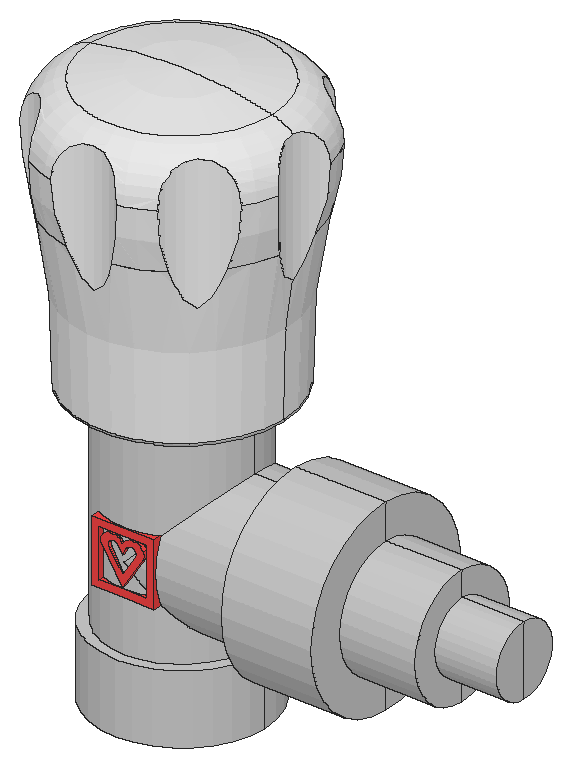
Revit family "GP Radiator Control Valve Angle Model 5524", category Rohrzubehör, Revit 2021
Family settings
  Bemaßung runder Anschluss = Durchmesser verwenden
  Teiletyp = Unterbricht
  OmniClass-Nummer = 23.65.55.14
  OmniClass-Titel = Valves for Liquid Services
  Arbeitsebenenbasiert = Nein
  Immer vertikal = Ja
  Beim Laden mit Abzugskörper schneiden = Nein
  Gemeinsam genutzt = Nein
Parameters
  Vorgabe-Ansicht = 0.000 mm
  URL = "www.herzvalves.com"
  SCRNSEQ = "ARM;ARM_TYP=\"ALLF\";2"
  SCRNCODE = "05;00;02"  # constant formula
  S04 = 45.000 mm  # constant formula
  S03 [instance] = H02 - 5.000 mm + 41.000 mm  # 60.000 mm
  S02 [instance] = L04 + L03 - L02  # 25.500 mm
  S01 = 10.000 mm  # constant formula
  Part number [instance] = size_lookup("5524_", "Artnr", 0, Nennweite)  # 1552420
  Nennweite [instance] = 10.000 mm
  Model = "These universal models are nickel-plated and equipped with special sockets for threaded pipe and compression union connections."
  Medium = "Hot water quality according to Austrian standard ÖNORM H 5195 and/or VDI guideline 2035."
  Max. operating temperature = 110 °C  # constant formula
  Max. operating pressure = 1000000.0 Pa  # constant formula
  LO1 [instance] = R01 - 0.500 mm  # 10.000 mm
  L04 [instance] = size_lookup("5524_", "L4", 1.000 mm, Nennweite)  # 20.000 mm
  L03 [instance] = size_lookup("5524_", "L3", 1.000 mm, Nennweite)  # 13.000 mm
  L02 [instance] = size_lookup("5524_", "L2", 1.000 mm, Nennweite)  # 7.500 mm
  L01 [instance] = size_lookup("5524_", "L1", 1.000 mm, Nennweite)  # 24.000 mm
  Hersteller = "HERZ Armaturen Ges.m.b.H."  # constant formula
  Hand wheel = "plastic, white"  # constant formula
  H03 [instance] = size_lookup("5524_", "H3", 1.000 mm, Nennweite)  # 10.000 mm
  H02 [instance] = size_lookup("5524_", "H2", 1.000 mm, Nennweite)  # 24.000 mm
  H01 [instance] = size_lookup("5524_", "H1", 1.000 mm, Nennweite)  # 22.000 mm
  GT1 [instance] = size_lookup("5524_", "GT1", 1.000 mm, Nennweite)  # 9.000 mm
  GT [instance] = size_lookup("5524_", "GT", 1.000 mm, Nennweite)  # 9.500 mm
  G2 [instance] = Nennweite / 2  # 5.000 mm
  G1 [instance] = Nennweite / 2  # 5.000 mm
  R01 = 10.500 mm  # constant formula
  D05 [instance] = size_lookup("5524_", "D5", 1.000 mm, Nennweite)  # 8.500 mm
  D04 [instance] = size_lookup("5524_", "D4", 1.000 mm, Nennweite)  # 13.500 mm
  D03 [instance] = R01  # 10.500 mm
  D02 [instance] = size_lookup("5524_", "D2", 1.000 mm, Nennweite)  # 7.940 mm
  D01 [instance] = size_lookup("5524_", "D1", 1.000 mm, Nennweite)  # 12.000 mm
  Body = "nickel-plated"  # constant formula
Reference planes
  plane 1 "Mitte (Vorne/hinten)": y = 0
  plane 2: z = 0
  plane 3 "Mitte (Links/rechts)": x = 0
Forms (mm)
  Revolve 1, solid, material "Messing, weicher Gelbton, geschweißt", detail levels fine
    sketch origin (0, 0, 0) x (1, 0, 0) y (0, 0, 1)
      loop
        line (0, 24) -> (-10.5, 24) -> (-10.5, -12) -> (-12, -12) -> (-12, -22) -> (-5, -22) -> (-5, -12.5) -> (0, -12.5) -> (0, 24)
      axis (0, 24) -> (0, -22)
    angle from 0 to 360
  Revolve 2, solid, material "Messing, weicher Gelbton, geschweißt", detail levels fine
    sketch origin (0, 0, 0) x (1, 0, 0) y (0, 0, 1)
      loop
        line (0, 0) -> (24, 0) -> (24, 7.94) -> (16.5, 7.94) -> (16.5, 10.5) -> (0, 10.5) -> (0, 0)
      axis (0, 0) -> (24, 0)
    angle from 0 to 360
  Revolve 3, solid, material "Messing, weicher Gelbton, geschweißt", detail levels fine
    sketch origin (-1, 0, 0) x (1, 0, 0) y (0, 0, 1)
      loop
        line (25, 0) -> (50.5, 0) -> (50.5, 5) -> (41.5, 5) -> (41.5, 8.5) -> (30.5, 8.5) -> (30.5, 13.5) -> (17.5, 13.5) -> (17.5, 7.94) -> (25, 7.94) -> (25, 0)
      axis (17.5, 0) -> (50.5, 0)
    angle from 0 to 360
Lines and regions (mm)
  model lines, detail levels coarse+medium
    curve 1: line (0, 0, 0) -> (12, 0, -22)
    curve 2: line (12, 0, -22) -> (-12, 0, -22)
    curve 3: line (-12, 0, -22) -> (0, 0, 0)
    curve 4: line (0, 0, 0) -> (24, 0, 13.5)
    curve 5: line (24, 0, 13.5) -> (24, 0, -13.5)
    curve 6: line (24, 0, -13.5) -> (0, 0, 0)
    curve 7: line (24, 0, 13.5) -> (34, 0, 13.5)
    curve 8: line (34, 0, 13.5) -> (24, 0, 0)
    curve 9: line (24, 0, -13.5) -> (34, 0, -13.5)
    curve 10: line (34, 0, -13.5) -> (24, 0, 0)
    curve 11: line (24, 0, 0) -> (49.5, 0, 0)
    curve 12: line (0, 0, 0) -> (0, 0, 60)
    curve 13: line (-22.5, 0, 60) -> (22.5, 0, 60)
    curve 14: line (0, 0, 0) -> (0, 60, 0)
    curve 15: line (-22.5, 60, 0) -> (22.5, 60, 0)
    curve 16: line (0, 0, 0) -> (12, -22, 0)
    curve 17: line (12, -22, 0) -> (-12, -22, 0)
    curve 18: line (-12, -22, 0) -> (0, 0, 0)
    curve 19: line (0, 0, 0) -> (24, 13.5, 0)
    curve 20: line (24, 13.5, 0) -> (24, -13.5, 0)
    curve 21: line (24, -13.5, 0) -> (0, 0, 0)
    curve 22: line (24, 13.5, 0) -> (34, 13.5, 0)
    curve 23: line (34, 13.5, 0) -> (24, 0, 0)
    curve 24: line (24, -13.5, 0) -> (34, -13.5, 0)
    curve 25: line (24, 0, 0) -> (34, -13.5, 0)
Dimensions and locks
  "H02": Revolve 1 sketch curve to plane 2
  "H01": plane 2 to Revolve 1 sketch curve
  "R01": Revolve 1 sketch curve to Revolve 1 sketch curve
  "G1": Revolve 1 sketch curve to Revolve 1 sketch curve
  "D01": Revolve 1 sketch curve to Revolve 1 sketch curve
  "GT": Revolve 1 sketch curve to Revolve 1 sketch curve
  "H03": Revolve 1 sketch curve to Revolve 1 sketch curve
  "D02": Revolve 2 sketch curve to Revolve 2 sketch curve
  "D03": Revolve 2 sketch curve to Revolve 2 sketch curve
  "L01": Revolve 2 sketch curve to Revolve 2 sketch curve
  "L02": Revolve 2 sketch curve to Revolve 2 sketch curve
  "H02": nested 1 to plane 2
  "LO1": nested 2 to plane 1 "Mitte (Vorne/hinten)"
  "L02": Revolve 3 sketch curve to Revolve 3 sketch curve
  "L03": Revolve 3 sketch curve to Revolve 3 sketch curve
  "L04": Revolve 3 sketch curve to Revolve 3 sketch curve
  "D04": Revolve 3 sketch curve to Revolve 3 sketch curve
  "G2": Revolve 3 sketch curve to Revolve 3 sketch curve
  "D05": Revolve 3 sketch curve to Revolve 3 sketch curve
  "GT1": Revolve 3 sketch curve to Revolve 3 sketch curve
  "L01": plane 3 "Mitte (Links/rechts)" to Revolve 3 sketch curve
  "D02": Revolve 3 sketch curve to plane 2
  "H01": plane 2 to curve 2
  "L01": curve 5 to plane 3 "Mitte (Links/rechts)"
  "D01": curve 2 to plane 3 "Mitte (Links/rechts)" to curve 3
  "D04": curve 5 to plane 2 to curve 6
  "S01": curve 5 to curve 8
  "S01": curve 5 to curve 10
  "S02": curve 11 to curve 11
  "S03": curve 12 to plane 2
  equal spacing: curve 13, curve 12, curve 13
  "S04": curve 13 to curve 13
  "S04": curve 15 to curve 15
  equal spacing: curve 15, curve 14, curve 15
  "S03": plane 1 "Mitte (Vorne/hinten)" to curve 14
  "H01": curve 17 to plane 1 "Mitte (Vorne/hinten)"
  "D01": curve 18 to plane 3 "Mitte (Links/rechts)" to curve 17
  "L01": plane 3 "Mitte (Links/rechts)" to curve 20
  "D04": curve 21 to plane 1 "Mitte (Vorne/hinten)" to curve 20
  "S01": curve 20 to curve 23
  "S01": curve 20 to curve 25
  aligned and locked: level to plane 2
Automatic sketch dimensions
  curve 12 to plane 3 "Mitte (Links/rechts)" = 0.000 mm
  curve 4 to level = 0.000 mm
  curve 10 to level = 0.000 mm
  curve 8 to level = 0.000 mm
  plane 1 "Mitte (Vorne/hinten)" to curve 16 = 0.000 mm
  curve 16 to plane 3 "Mitte (Links/rechts)" = 0.000 mm
  plane 1 "Mitte (Vorne/hinten)" to curve 23 = 0.000 mm
  Revolve 1 sketch curve to plane 3 "Mitte (Links/rechts)" = 0.000 mm  (x2)
  Revolve 1 sketch curve to Revolve 1 sketch curve = 345.545 mm
  Revolve 1 sketch curve to Revolve 1 sketch curve = 2189.815 mm
  Revolve 2 sketch curve to level = 0.000 mm  (x2)
  Revolve 2 sketch curve to plane 3 "Mitte (Links/rechts)" = 0.000 mm
  Revolve 2 sketch curve to plane 3 "Mitte (Links/rechts)" = 1506.530 mm
  Revolve 2 sketch curve to Revolve 2 sketch curve = 1815.148 mm
  Revolve 3 sketch curve to level = 0.000 mm  (x2)
  Revolve 3 sketch curve to plane 3 "Mitte (Links/rechts)" = 1507.530 mm
  Revolve 3 sketch curve to Revolve 3 sketch curve = 1789.648 mm
Nested families
  nested 1: "Handrad-Heizkörperventile" at (0, 0, 18.5), type "Handrad-Heizkörperventile", detail levels fine
  nested 2: "Herz-Logo-vorne" at (0, -10, 0) x (0, -1, 0) z (0, 0, 1), type "Herz-Logo-vorne", detail levels fine
Connectors
  piping at (0, 0, -12.5), diameter 10, driven by "Nennweite"
    settings: on Revolve 1, index 1, connector inside diameter 609.6 mm, connector length 0.000 mm, flow factor 0, pipe flow 0.0 L/s, pressure drop 0.0 Pa, fitting loss kfactor 0, connector angle 0.00°, fixture units 0, engagement length 0.000 mm, angle of deflection 0.00°, flow configuration 0, flow direction 1, fitting loss method 0, system type 7, joint type 0, gender type 0, connector reference index -1, connector utility 0, adjustable connector no, is connector primary yes, connector description ""
  piping at (49.5, 0, 0), diameter 10, driven by "Nennweite"
    settings: on Revolve 3, index 2, connector inside diameter 609.6 mm, connector length 0.000 mm, flow factor 0, pipe flow 0.0 L/s, pressure drop 0.0 Pa, fitting loss kfactor 0, connector angle 0.00°, fixture units 0, engagement length 0.000 mm, angle of deflection 0.00°, flow configuration 0, flow direction 2, fitting loss method 0, system type 7, joint type 0, gender type 0, connector reference index -1, connector utility 0, adjustable connector no, is connector primary no, connector description ""
Definition of nested family "Handrad-Heizkörperventile"
  Parameters (values of type "Handrad-Heizkörperventile")
    Default Elevation = 0.000 mm
    T01 = 5.500 mm  # constant formula
    R01 = 10.500 mm  # constant formula
  Reference planes
    plane 1 "Mitte (Vorne/hinten)": y = 0
    plane 2: z = 0
    plane 3 "Mitte (Links/rechts)": x = 0
  Forms (mm)
    Revolve 1, solid, detail levels fine
      sketch origin (0, 0, 0) x (1, 0, 0) y (0, 0, 1)
        loop
          line (10.5, 0) -> (14.25, 0)
          arc (14.25, 0) -> (14.604, 0.146) -> (14.75, 0.5) r 0.5
          arc (14.75, 0.5) -> (15.098, 12.356) -> (17.195, 24.03) r 80
          arc (17.195, 24.03) -> (18.172, 28.281) -> (18.5, 32.63) r 29
          arc (18.5, 32.63) -> (17.011, 36.946) -> (13.177, 39.426) r 7
          arc (13.177, 39.426) -> (6.637, 40.626) -> (0, 41.028) r 55
          line (0, 41.028) -> (0, 5.5) -> (10.5, 5.5) -> (10.5, 0)
        axis (0, 41.028) -> (0, 0)
      angle from 0 to 360
    Extrusion 2, void
      sketch origin (0, 0, 0) x (1, 0, 0) y (0, 1, 0)
        loop
          arc (-16.011, 9.268) -> (-11.314, 11.314) -> (-9.268, 16.011) r 7
          arc (-9.268, 16.011) -> (-13.081, 13.081) -> (-16.011, 9.268) r 18.5
        loop
          arc (16.011, 9.268) -> (13.081, 13.081) -> (9.268, 16.011) r 18.5
          arc (9.268, 16.011) -> (11.314, 11.314) -> (16.011, 9.268) r 7
        loop
          arc (-16.011, -9.268) -> (-13.081, -13.081) -> (-9.268, -16.011) r 18.5
          arc (-9.268, -16.011) -> (-11.314, -11.314) -> (-16.011, -9.268) r 7
        loop
          arc (16.011, -9.268) -> (11.314, -11.314) -> (9.268, -16.011) r 7
          arc (9.268, -16.011) -> (13.081, -13.081) -> (16.011, -9.268) r 18.5
        loop
          arc (17.953, 4.58) -> (16.078, -0.188) -> (17.953, -4.956) r 7
          arc (17.953, -4.956) -> (18.578, -0.188) -> (17.953, 4.58) r 18.5
        loop
          arc (-17.953, 4.58) -> (-18.578, -0.188) -> (-17.953, -4.956) r 18.5
          arc (-17.953, -4.956) -> (-16.078, -0.188) -> (-17.953, 4.58) r 7
        loop
          arc (-4.58, 17.953) -> (0.188, 16.078) -> (4.956, 17.953) r 7
          arc (4.956, 17.953) -> (0.188, 18.578) -> (-4.58, 17.953) r 18.5
        loop
          arc (-4.58, -17.953) -> (0.188, -18.578) -> (4.956, -17.953) r 18.5
          arc (4.956, -17.953) -> (0.188, -16.078) -> (-4.58, -17.953) r 7
      from 15.609 to 43.011
  Cuts and joins
    Extrusion 2 cuts Revolve 1
  Dimensions and locks
    "R01": Revolve 1 sketch curve to Revolve 1 sketch curve
    Revolve 1 sketch curve to plane 3 "Mitte (Links/rechts)" = 14.750 mm
    "T01": Revolve 1 sketch curve to Revolve 1 sketch curve
    aligned and locked: level to plane 2
  Automatic sketch dimensions
    Extrusion 2 sketch curve to Extrusion 2 sketch curve = 0.000 mm  (x14)
    plane 1 "Mitte (Vorne/hinten)" to Extrusion 2 sketch curve = 0.000 mm
    Extrusion 2 sketch curve to plane 3 "Mitte (Links/rechts)" = 0.000 mm
    Extrusion 2 sketch curve to plane 3 "Mitte (Links/rechts)" = 0.078 mm
    Extrusion 2 sketch curve to plane 3 "Mitte (Links/rechts)" = 16.263 mm  (x2)
    plane 1 "Mitte (Vorne/hinten)" to Extrusion 2 sketch curve = 0.188 mm  (x2)
    Extrusion 2 sketch curve to Extrusion 2 sketch curve = 6.815 mm  (x4)
    plane 3 "Mitte (Links/rechts)" to Extrusion 2 sketch curve = 0.078 mm
    plane 3 "Mitte (Links/rechts)" to Extrusion 2 sketch curve = 0.188 mm  (x2)
    plane 1 "Mitte (Vorne/hinten)" to Extrusion 2 sketch curve = 0.078 mm
    Extrusion 2 sketch curve to Extrusion 2 sketch curve = 0.110 mm  (x2)
    Extrusion 2 sketch curve to plane 1 "Mitte (Vorne/hinten)" = 0.078 mm
    plane 3 "Mitte (Links/rechts)" to Extrusion 2 sketch curve = 16.263 mm  (x2)
    plane 1 "Mitte (Vorne/hinten)" to Extrusion 2 sketch curve = 16.263 mm  (x2)
    Extrusion 2 sketch curve to plane 1 "Mitte (Vorne/hinten)" = 16.263 mm  (x2)
    Extrusion 2 sketch curve to plane 3 "Mitte (Links/rechts)" = 4.580 mm  (x2)
    Extrusion 2 sketch curve to Extrusion 2 sketch curve = 4.688 mm  (x2)
    Extrusion 2 sketch curve to Extrusion 2 sketch curve = 0.252 mm  (x4)
    Extrusion 2 sketch curve to Extrusion 2 sketch curve = 1.942 mm  (x4)
    Extrusion 2 sketch curve to Extrusion 2 sketch curve = 4.312 mm  (x4)
    Revolve 1 sketch curve to plane 3 "Mitte (Links/rechts)" = 0.000 mm  (x2)
    Revolve 1 sketch curve to level = 0.000 mm
    Revolve 1 sketch curve to plane 3 "Mitte (Links/rechts)" = 10.500 mm
    plane 3 "Mitte (Links/rechts)" to Revolve 1 sketch curve = 11.500 mm
    Revolve 1 sketch curve to Revolve 1 sketch curve = 0.500 mm
    level to Revolve 1 sketch curve = 4.086 mm
    Revolve 1 sketch curve to Revolve 1 sketch curve = 79.920 mm
    Revolve 1 sketch curve to level = 13.972 mm
    Revolve 1 sketch curve to Revolve 1 sketch curve = 27.130 mm
    Revolve 1 sketch curve to Revolve 1 sketch curve = 8.398 mm
    Revolve 1 sketch curve to Revolve 1 sketch curve = 0.000 mm
    Revolve 1 sketch curve to Revolve 1 sketch curve = 1.305 mm
    Revolve 1 sketch curve to Revolve 1 sketch curve = 352.073 mm
    Revolve 1 sketch curve to Revolve 1 sketch curve = 2173.287 mm
Definition of nested family "Herz-Logo-vorne"
  Parameters (values of type "Herz-Logo-vorne")
    Default Elevation = 0.000 mm
  Reference planes
    plane 1 "Mitte (Vorne/hinten)": y = 0
    plane 2: z = 0
    plane 3 "Mitte (Links/rechts)": x = 0
  Forms (mm)
    Extrusion 1, solid
      sketch origin (0.732, -0.018, 0.017) x (0, -1, 0) y (0, 0, 1)
        loop
          line (-0.018, -4.517) -> (4.482, -4.517) -> (4.482, 4.483) -> (-4.518, 4.483) -> (-4.518, -4.517) -> (-0.018, -4.517)
        loop
          line (-0.05, -3.48) -> (3.482, -3.48) -> (3.482, 3.483) -> (-3.518, 3.483) -> (-3.518, -3.48) -> (-0.05, -3.48)
        loop
          arc (-0.018, 2.383) -> (-1.543, 3.287) -> (-3.067, 2.383) r 1.738
          arc (-3.067, 2.383) -> (-3.191, 1.899) -> (-3.067, 1.415) r 1.009
          line (-3.067, 1.415) -> (-0.018, -3.281) -> (3.032, 1.415)
          arc (3.032, 1.415) -> (3.156, 1.899) -> (3.032, 2.383) r 1.009
          arc (3.032, 2.383) -> (1.507, 3.287) -> (-0.018, 2.383) r 1.738
        loop
          arc (1.885, 1.272) -> (2.005, 1.675) -> (1.885, 2.079) r 0.74
          arc (1.885, 2.079) -> (1.265, 2.416) -> (0.644, 2.079) r 0.74
          line (0.644, 2.079) -> (-0.018, 0.97) -> (-0.679, 2.079)
          arc (-0.679, 2.079) -> (-1.3, 2.416) -> (-1.921, 2.079) r 0.74
          arc (-1.921, 2.079) -> (-2.04, 1.675) -> (-1.921, 1.272) r 0.74
          line (-1.921, 1.272) -> (-0.018, -1.658) -> (1.885, 1.272)
      from 0 to 1.5
  Dimensions and locks
    aligned and locked: level to plane 2
